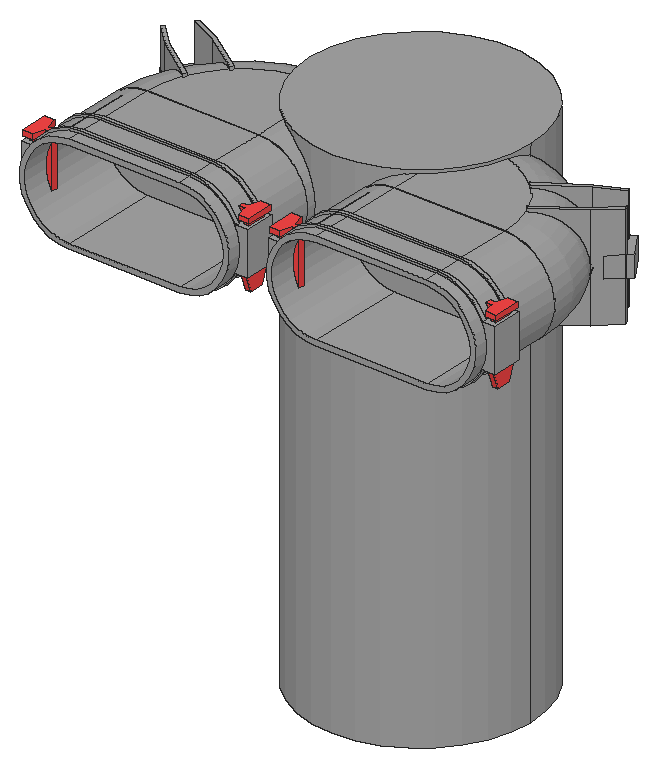
Revit family "CADS_AIRFLOWdev_AirflexPro_Oval_WallPlenum_Extract", category Duct Fittings, Revit 2015
Parameters (values of type "CADS_AIRFLOWdev_AirflexPro_Oval_WallPlenum_Extract")
  f3 [instance] = 0.0 L/s
  f2 [instance] = 0.0 L/s
  WorkingPressure = 3000.0 Pa
  WeeklyMaintenance = "N/A"
  WarrantyStartDate [instance] = "1900-12-31T23:59:160"
  WarrantyPeriod = "0"
  WarrantyIdentifier = "N/A"
  WarrantyGuarantorParts = "info@airflow.com"
  WarrantyGuarantorLabor = "info@airflow.com"
  WarrantyGuarantor = "Airflow Developments Ltd"
  WarrantyEndDate [instance] = "1900-12-31T23:59:160"
  WarrantyContent = "N/A"
  Uniclass2015 = "Pr_30_59_96_92:Ventilation ducts"
  TemperatureRange = "up to 40°C"
  TagNumber [instance] = "N/A"
  SustainabilityPerformance = "N/A"
  Status = "New"
  Size = "200 x 280 x 300"
  ShippingWeight = 0.78 kg
  Shape = "Other"
  ServiceLifeType = "EXPECTEDSERVICELIFE"
  ServiceLifeDuration = "10"
  SerialNumber [instance] = "N/A"
  SAPApproval = yes
  RunID = "0"
  ReplacementCost = "34.284"
  Reinforcement = "N/A"
  RedDotDesignAward = no
  QuarterlyMaintenance = "N/A"
  Quantity = 1
  ProductionYear = "2017"
  ProductLiterature = "https://www.airflow.com/pdf/Accessories.pdf#page=3"
  PointOfContact = "Airflow Developments Ltd"
  PassiveHouseApproval = no
  NominalWidth = 280 mm
  NominalLength = 200 mm
  NominalHeight = 300 mm
  NBSCode = "45-80-50/394 Ventilation ducts"
  MonthlyMaintenance = "N/A"
  ModelReference [instance] = "90000249"
  ModelLabel [instance] = "Oval 90° Ceiling/Wall Plenum (incl. 4 clips, 1 sealing cap)"
  Material = "Plastic"
  ManufacturerWebsite = "www.airflow.com"
  ManufacturerTelephone = "01494 525252"
  ManufacturerE-Mail = "info@airflow.com"
  ManufacturerAddress = "Aidelle House\nLancaster Road\nCressex Business Park\nHigh Wycombe\nBucks\nHP123QP"
  Manufacturer = "AirFlow Devopments Ltd"
  MaintenanceRequired8001to12000hrs = "N/A"
  MaintenanceRequired601to1000hrs = "N/A"
  MaintenanceRequired4001to8000hrs = "N/A"
  MaintenanceRequired301to600hrs = "N/A"
  MaintenanceRequired2001to4000hrs = "N/A"
  MaintenanceRequired1001to2000hrs = "N/A"
  MaintenanceRequired0to300hrs = "N/A"
  LongitudinalSeam = "None"
  IsExtendedWarranty = no
  InstallationDate [instance] = "1900-12-31T23:59:160"
  ISO90001 = yes
  ISO140001 = yes
  GrossWeight = 0.65 kg
  Grade = "Virgin"
  GlobalTradeItemNumber [instance] = "5019009312330"
  Flow [instance] = 0.0 L/s
  Fitting Type = "Ignore"
  FireControlPanelLinks = no
  Finish = "Lacquer"
  Features = "Oval 90° Ceiling/Wall Plenum (incl. 4 clips, 1 sealing cap)"
  ExpectedServiceLife = 10
  Exclusions = "N/A"
  DurationUnit = "Year"
  DailyMaintenance = "N/A"
  Constituents = "Oval 90° Ceiling/Wall Plenum (incl. 4 clips, 1 sealing cap)"
  Color = "Grey"
  CodePerformance = "N/A"
  CEApproval = yes
  CADS_Index = 0
  BespokeTimeFrameMaintenance = "N/A"
  AssetType = "FIXED"
  AssetIdentifier [instance] = "N/A"
  AssemblyPlace = "UNKNOWN"
  ArticleNumber [instance] = "N/A"
  AnnualMaintenance = "N/A"
  AirflowRateRange = 18.0 L/s
  AdjustableLengthCheck [instance] = if(AdjustableLength > 240 mm, 240 mm, AdjustableLength)  # 240 mm
  AdjustableLength [instance] = 240 mm
  AccessibilityPerformance = "N/A"
  AF_Body = AF_Grey
  6MonthlyMaintenance = "Visually inspect system, clean the fan and ducting if necessary"
Types (2, lengths in mm): name | RedDotDesignAward | PassiveHouseApproval | NominalWidth | NominalLength | NominalHeight | IsExtendedWarranty | FireControlPanelLinks
  (no name) | yes | yes | 0 | 0 | 0 | yes | yes
  CADS_AIRFLOWdev_AirflexPro_Oval_WallPlenum_Extract | no | no | 280 | 200 | 300 | no | no
Values of the unnamed type that differ from the named types
  WorkingPressure = 0.0 Pa
  WeeklyMaintenance = ""
  WarrantyStartDate = ""
  WarrantyPeriod = ""
  WarrantyIdentifier = ""
  WarrantyGuarantorParts = ""
  WarrantyGuarantorLabor = ""
  WarrantyGuarantor = ""
  WarrantyEndDate = ""
  WarrantyContent = ""
  Uniclass2015 = ""
  TemperatureRange = ""
  TagNumber = ""
  SustainabilityPerformance = ""
  Status = ""
  Size = ""
  ShippingWeight = 0.00 kg
  Shape = ""
  ServiceLifeType = ""
  ServiceLifeDuration = ""
  SerialNumber = ""
  ReplacementCost = ""
  Reinforcement = ""
  QuarterlyMaintenance = ""
  Quantity = 0
  ProductionYear = ""
  ProductLiterature = ""
  PointOfContact = ""
  NBSCode = ""
  MonthlyMaintenance = ""
  ModelReference = ""
  ModelLabel = ""
  Material = ""
  ManufacturerWebsite = ""
  ManufacturerTelephone = ""
  ManufacturerE-Mail = ""
  ManufacturerAddress = ""
  MaintenanceRequired8001to12000hrs = ""
  MaintenanceRequired601to1000hrs = ""
  MaintenanceRequired4001to8000hrs = ""
  MaintenanceRequired301to600hrs = ""
  MaintenanceRequired2001to4000hrs = ""
  MaintenanceRequired1001to2000hrs = ""
  MaintenanceRequired0to300hrs = ""
  LongitudinalSeam = ""
  InstallationDate = ""
  GrossWeight = 0.00 kg
  Grade = ""
  GlobalTradeItemNumber = ""
  Fitting Type = ""
  Finish = ""
  Features = ""
  ExpectedServiceLife = 0
  Exclusions = ""
  DurationUnit = ""
  DailyMaintenance = ""
  Constituents = ""
  Color = ""
  CodePerformance = ""
  BespokeTimeFrameMaintenance = ""
  AssetType = ""
  AssetIdentifier = ""
  AssemblyPlace = ""
  ArticleNumber = ""
  AnnualMaintenance = ""
  AirflowRateRange = 0.0 L/s
  AccessibilityPerformance = ""
  6MonthlyMaintenance = ""
Reference planes
  plane 1 "Center (Front/Back)": y = 0
  plane 2: z = 0
  plane 3 "Center (Left/Right)": x = 0
  plane 4 "CL Ports": z = 270
  plane 5: x = -71.5
  plane 6: x = 71.5
  plane 7: z = 240
  plane 8: y = -125
  plane 9: z = 300
  plane 10: z = 0
Forms (mm)
  Extrusion 1, solid, material "AF_Grey"
    sketch origin (0, 0, 270) x (-1, 0, 0) y (0, -1, 0)
      loop
        circle (0, 0) r 64
    from 30 to -270
  Sweep 2, solid, material "AF_Grey"
    path in 3D
      loop
        arc (132.015, -68, 270) -> (107.705, -9.31, 270) -> (49.015, 15, 270) r 83
        line (49.015, 15, 270) -> (-49.015, 15, 270)
        arc (-49.015, 15, 270) -> (-107.705, -9.31, 270) -> (-132.015, -68, 270) r 83
    profile origin (0, 15, 270) x (0, -1, 0) y (0, 0, 1)
      loop
        arc (28.5, 28.5) -> (0, 0) -> (28.5, -28.5) r 28.5
        line (28.5, -28.5) -> (59, -28.5) -> (59, 28.5) -> (28.5, 28.5)
  Extrusion 3, solid, material "AF_Grey"
    sketch origin (71.5, -68, 270) x (-1, 0, 0) y (0, 0, 1)
      loop
        arc (32.015, -28.5) -> (60.515, 0) -> (32.015, 28.5) r 28.5
        line (32.015, 28.5) -> (-1.515, 28.5) -> (-1.515, -28.5) -> (32.015, -28.5)
      loop
        arc (110.985, 28.5) -> (82.485, 0) -> (110.985, -28.5) r 28.5
        line (110.985, -28.5) -> (144.515, -28.5) -> (144.515, 28.5) -> (110.985, 28.5)
    from 24 to 0
  Extrusion 4, solid, not visible
    sketch origin (71.5, -68, 270) x (-1, 0, 0) y (0, 0, 1)
      loop
        circle (0, 0) r 15
      loop
        circle (143, 0) r 15
    from 0 to 10
  Extrusion 5, solid, material "AF_Grey"
    sketch origin (0, 0, 270) x (-1, 0, 0) y (0, -1, 0)
      loop
        line (-86.283, 28.743) -> (-98.827, 46.816) -> (-127.575, 26.7) -> (-137.64, 16.799) -> (-127.978, 2.879) -> (-114.469, 9.178) -> (-86.283, 28.743)
    from -6 to 6
  Extrusion 6, solid, material "AF_Grey"
    sketch origin (0, 0, 270) x (-1, 0, 0) y (0, -1, 0)
      loop
        line (-109.126, 11.67) -> (-85.713, 27.921) -> (-86.853, 29.564) -> (-110.126, 13.411) -> (-125.457, 6.262) -> (-124.299, 4.595) -> (-109.126, 11.67)
      loop
        line (-123.276, 30.928) -> (-134.746, 19.645) -> (-133.589, 17.978) -> (-121.993, 29.385) -> (-98.257, 45.994) -> (-99.398, 47.637) -> (-123.276, 30.928)
    from -30 to 30
  Extrusion 7, solid, material "AF_Grey"
    sketch origin (0, 0, 270) x (-1, 0, 0) y (0, -1, 0)
      loop
        line (109.126, 11.67) -> (124.299, 4.595) -> (125.457, 6.262) -> (110.126, 13.411) -> (86.853, 29.564) -> (85.713, 27.921) -> (109.126, 11.67)
      loop
        line (123.276, 30.928) -> (99.398, 47.637) -> (98.257, 45.994) -> (121.993, 29.385) -> (133.589, 17.978) -> (134.746, 19.645) -> (123.276, 30.928)
    from -30 to 30
  Extrusion 8, solid, material "AF_Grey"
    sketch origin (0, 0, 270) x (-1, 0, 0) y (0, -1, 0)
      loop
        line (86.283, 28.743) -> (114.469, 9.178) -> (127.978, 2.879) -> (137.64, 16.799) -> (127.575, 26.7) -> (98.827, 46.816) -> (86.283, 28.743)
    from -6 to 6
Cuts and joins
  joined: Sweep 2, Extrusion 3
Lines and regions (mm)
  model lines, style "InvisibleLines"
    curve 1: line (49.015, 15, 270) -> (-49.015, 15, 270)
    curve 2: arc (-132.015, -68, 270) -> (-107.705, -9.31, 270) -> (-49.015, 15, 270) r 83
    curve 3: arc (132.015, -68, 270) -> (107.705, -9.31, 270) -> (49.015, 15, 270) r 83
  sketch lines
    curve 4: line (49.015, 15, 270) -> (-49.015, 15, 270)
    curve 5: arc (-132.015, -68, 270) -> (-107.705, -9.31, 270) -> (-49.015, 15, 270) r 83
    curve 6: arc (132.015, -68, 270) -> (107.705, -9.31, 270) -> (49.015, 15, 270) r 83
Dimensions and locks
  plane 9 to plane 4 "CL Ports" to plane 7 = 30 mm locked, 30 mm locked
  "AdjustableLengthCheck": plane 7 to plane 2
  aligned and locked: level to plane 2
  aligned and locked: nested 1 to plane 8
  aligned and locked: nested 2 to plane 8
  aligned and locked: plane 9 to Extrusion 1
  aligned and locked: Extrusion 3 to Sweep 2
  aligned and locked: Extrusion 1 to plane 10
  aligned and locked: level to plane 10
Automatic sketch dimensions
  plane 1 "Center (Front/Back)" to Extrusion 1 sketch curve = 0 mm
  Extrusion 1 sketch curve to plane 3 "Center (Left/Right)" = 0 mm
  curve 3 to plane 6 = 22.485 mm
  plane 5 to curve 2 = 22.485 mm
  curve 1 to plane 1 "Center (Front/Back)" = 15 mm
  plane 8 to curve 3 = 57 mm
  plane 8 to curve 2 = 57 mm
  Sweep 2 sketch curve to profile plane = 0 mm
  Sweep 2 sketch curve to profile plane = 28.5 mm  (x2)
  Sweep 2 sketch curve to Sweep 2 sketch curve = 30.5 mm
  Extrusion 3 sketch curve to nested 2 = 0 mm  (x2)
  Extrusion 3 sketch curve to Extrusion 3 sketch curve = 33.531 mm  (x2)
  Extrusion 3 sketch curve to Extrusion 3 sketch curve = 78.969 mm
  nested 2 to Extrusion 4 sketch curve = 25.5 mm  (x2)
  Extrusion 4 sketch curve to Extrusion 4 sketch curve = 143 mm
  plane 1 "Center (Front/Back)" to Extrusion 5 sketch curve = 16.799 mm
  plane 6 to Extrusion 5 sketch curve = 66.14 mm
  plane 1 "Center (Front/Back)" to Extrusion 5 sketch curve = 2.879 mm
  Extrusion 5 sketch curve to Extrusion 5 sketch curve = 9.662 mm
  plane 1 "Center (Front/Back)" to Extrusion 5 sketch curve = 26.7 mm
  Extrusion 5 sketch curve to Extrusion 5 sketch curve = 10.065 mm
  plane 1 "Center (Front/Back)" to Extrusion 5 sketch curve = 9.178 mm
  Extrusion 5 sketch curve to Extrusion 5 sketch curve = 13.509 mm
  plane 6 to Extrusion 5 sketch curve = 27.327 mm
  plane 6 to Extrusion 5 sketch curve = 14.783 mm
  plane 1 "Center (Front/Back)" to Extrusion 5 sketch curve = 28.743 mm
  plane 1 "Center (Front/Back)" to Extrusion 6 sketch curve = 19.645 mm
  plane 6 to Extrusion 6 sketch curve = 63.246 mm
  plane 1 "Center (Front/Back)" to Extrusion 6 sketch curve = 17.978 mm
  Extrusion 6 sketch curve to Extrusion 6 sketch curve = 1.157 mm  (x2)
  plane 1 "Center (Front/Back)" to Extrusion 6 sketch curve = 6.262 mm
  Extrusion 6 sketch curve to Extrusion 6 sketch curve = 8.132 mm
  plane 1 "Center (Front/Back)" to Extrusion 6 sketch curve = 4.595 mm
  Extrusion 6 sketch curve to Extrusion 6 sketch curve = 11.47 mm
  Extrusion 6 sketch curve to Extrusion 6 sketch curve = 1.283 mm
  plane 1 "Center (Front/Back)" to Extrusion 6 sketch curve = 13.411 mm
  Extrusion 6 sketch curve to Extrusion 6 sketch curve = 14.174 mm
  plane 1 "Center (Front/Back)" to Extrusion 6 sketch curve = 11.67 mm
  Extrusion 6 sketch curve to Extrusion 6 sketch curve = 1 mm
  plane 6 to Extrusion 6 sketch curve = 27.898 mm
  Extrusion 6 sketch curve to Extrusion 6 sketch curve = 1.14 mm  (x2)
  plane 6 to Extrusion 6 sketch curve = 15.353 mm
  Extrusion 6 sketch curve to Extrusion 6 sketch curve = 9.74 mm
  Extrusion 6 sketch curve to Extrusion 6 sketch curve = 1.543 mm
  Extrusion 6 sketch curve to Extrusion 6 sketch curve = 16.43 mm
  Extrusion 6 sketch curve to Extrusion 6 sketch curve = 1.643 mm
  Extrusion 7 sketch curve to plane 5 = 14.213 mm
  Extrusion 7 sketch curve to Extrusion 7 sketch curve = 1.14 mm  (x2)
  Extrusion 7 sketch curve to Extrusion 7 sketch curve = 11.404 mm
  plane 1 "Center (Front/Back)" to Extrusion 7 sketch curve = 11.67 mm
  Extrusion 7 sketch curve to Extrusion 7 sketch curve = 23.413 mm
  plane 1 "Center (Front/Back)" to Extrusion 7 sketch curve = 13.411 mm
  Extrusion 7 sketch curve to Extrusion 7 sketch curve = 1 mm
  Extrusion 7 sketch curve to Extrusion 7 sketch curve = 11.867 mm
  Extrusion 7 sketch curve to Extrusion 7 sketch curve = 1.283 mm
  plane 1 "Center (Front/Back)" to Extrusion 7 sketch curve = 4.595 mm
  Extrusion 7 sketch curve to Extrusion 7 sketch curve = 14.174 mm
  plane 1 "Center (Front/Back)" to Extrusion 7 sketch curve = 6.262 mm
  Extrusion 7 sketch curve to Extrusion 7 sketch curve = 1.157 mm  (x2)
  plane 1 "Center (Front/Back)" to Extrusion 7 sketch curve = 17.978 mm
  Extrusion 7 sketch curve to Extrusion 7 sketch curve = 8.132 mm
  plane 1 "Center (Front/Back)" to Extrusion 7 sketch curve = 19.645 mm
  Extrusion 7 sketch curve to Extrusion 7 sketch curve = 9.74 mm
  Extrusion 7 sketch curve to Extrusion 7 sketch curve = 1.543 mm
  Extrusion 7 sketch curve to Extrusion 7 sketch curve = 16.43 mm
  Extrusion 7 sketch curve to Extrusion 7 sketch curve = 1.643 mm
  Extrusion 8 sketch curve to plane 5 = 14.783 mm
  Extrusion 8 sketch curve to Extrusion 8 sketch curve = 12.544 mm
  plane 1 "Center (Front/Back)" to Extrusion 8 sketch curve = 9.178 mm
  Extrusion 8 sketch curve to Extrusion 8 sketch curve = 28.187 mm
  plane 1 "Center (Front/Back)" to Extrusion 8 sketch curve = 26.7 mm
  Extrusion 8 sketch curve to Extrusion 8 sketch curve = 13.105 mm
  plane 1 "Center (Front/Back)" to Extrusion 8 sketch curve = 2.879 mm
  Extrusion 8 sketch curve to Extrusion 8 sketch curve = 13.509 mm
  plane 1 "Center (Front/Back)" to Extrusion 8 sketch curve = 16.799 mm
  Extrusion 8 sketch curve to Extrusion 8 sketch curve = 10.065 mm
  plane 1 "Center (Front/Back)" to Extrusion 8 sketch curve = 28.743 mm
  radius of Extrusion 1 sketch curve = 64 mm
  radius of Extrusion 3 sketch curve to nested 2 = 0 mm
  radius of Extrusion 4 sketch curve = 15 mm  (x2)
Nested families
  nested 1: "AF-Oval-Socket" at (-71.5, -68, 270) x (0, 1, 0) z (0, 0, 1), type "AF-Oval-Socket"
  nested 2: "AF-Oval-Socket" at (71.5, -68, 270) x (0, 1, 0) z (0, 0, 1), type "AF-Oval-Socket"
Connectors
  hvac at (-71.5, -68, 270), driven by "f2"
    settings: on Extrusion 4, index 1, duct flow 0.0 L/s, flow factor 0, pres drop 0.0 Pa, loss coef 0, conn angle 0.00°, conn width 115 mm, conn height 51 mm, conn diameter 609.6 mm, duct sys type 2, conn prof type 2, flow config 1, flow direction 2, loss method 0, conn ref index -1, conn util no, is conn primary no, conn desc ""
  hvac at (71.5, -68, 270), driven by "f3"
    settings: on Extrusion 4, index 2, duct flow 0.0 L/s, flow factor 0, pres drop 0.0 Pa, loss coef 0, conn angle 0.00°, conn width 115 mm, conn height 51 mm, conn diameter 609.6 mm, duct sys type 2, conn prof type 2, flow config 1, flow direction 2, loss method 0, conn ref index -1, conn util no, is conn primary no, conn desc ""
  hvac at (0, 0, 0), driven by "Flow"
    settings: on Extrusion 1, index 3, duct flow 0.0 L/s, flow factor 0, pres drop 0.0 Pa, loss coef 0, conn angle 0.00°, conn width 304.8 mm, conn height 304.8 mm, conn diameter 125 mm, duct sys type 2, conn prof type 0, flow config 0, flow direction 1, loss method 0, conn ref index -1, conn util no, is conn primary yes, conn desc ""
Definition of nested family "AF-Oval-Socket"
  Parameters (values of type "AF-Oval-Socket")
    Default Elevation = 1219.2 mm
  Reference planes
    plane 1 "Center (Front/Back)": y = 0
    plane 2: z = 0
    plane 3 "Center (Left/Right)": x = 0
    plane 4: x = -49.5
    plane 5: x = -47.5
    plane 6: x = -32
    plane 7: x = -34
    plane 8: y = 61.515
    plane 9: y = 60.515
    plane 10: y = 65.515
  Forms (mm)
    Sweep 1, solid
      path in 3D
        loop
          line (0, 0, 0) -> (-57, 0, 0)
      profile "AF-Oval Outer Profile : AF-Oval Outer Profile" origin (-28.5, 0, 0) x (0, -1, 0) y (0, 0, 1)
        loop
          arc (-32.015, 28.5) -> (-60.515, 0) -> (-32.015, -28.5) r 28.5
          line (-32.015, -28.5) -> (32.015, -28.5)
          arc (32.015, -28.5) -> (60.515, 0) -> (32.015, 28.5) r 28.5
          line (32.015, 28.5) -> (-32.015, 28.5)
    Sweep 2, void
      path in 3D
        loop
          line (0, 0, 0) -> (-57, 0, 0)
      profile "AF-Oval : AF-Oval" origin (-28.5, 0, 0) x (0, -1, 0) y (0, 0, 1)
        loop
          arc (-32, 25.5) -> (-57.5, 0) -> (-32, -25.5) r 25.5
          line (-32, -25.5) -> (32, -25.5)
          arc (32, -25.5) -> (57.5, 0) -> (32, 25.5) r 25.5
          line (32, 25.5) -> (-32, 25.5)
    Sweep 3, solid
      path in 3D
        loop
          line (-57, 32.015, 28.5) -> (-57, -32.015, 28.5)
          arc (-57, -32.015, 28.5) -> (-57, -60.515, 0) -> (-57, -32.015, -28.5) r 28.5
          line (-57, -32.015, -28.5) -> (-57, 32.015, -28.5)
          arc (-57, 32.015, -28.5) -> (-57, 60.515, 0) -> (-57, 32.015, 28.5) r 28.5
      profile origin (-57, 60.515, 0) x (0, 1, 0) y (-1, 0, 0)
        loop
          line (1, -7.5) -> (0, -7.5) -> (0, -9.5) -> (1, -9.5) -> (1, -7.5)
        loop
          line (1, -25) -> (1, -23) -> (0, -23) -> (0, -25) -> (1, -25)
    Extrusion 4, solid
      sketch origin (0, 0, 0) x (1, 0, 0) y (0, 1, 0)
        loop
          line (-49.5, 65.515) -> (-49.5, 57.825) -> (-32, 57.825) -> (-32, 65.515) -> (-49.5, 65.515)
        loop
          line (-49.5, -65.515) -> (-32, -65.515) -> (-32, -57.844) -> (-49.5, -57.844) -> (-49.5, -65.515)
      from -12.5 to 12.5
  Cuts and joins
    Sweep 2 cuts Sweep 1
    joined: Sweep 1, Sweep 3, Extrusion 4
  Lines and regions (mm)
    model lines
      curve 1: line (0, 0, 0) -> (-57, 0, 0)
    sketch lines
      curve 2: line (0, 0, 0) -> (-57, 0, 0)
      curve 3: line (0, 0, 0) -> (-57, 0, 0)
      curve 4: arc (-57, 32.015, -28.5) -> (-57, 60.515, 0) -> (-57, 32.015, 28.5) r 28.5
      curve 5: line (-57, 32.015, -28.5) -> (-57, -32.015, -28.5)
      curve 6: arc (-57, -32.015, 28.5) -> (-57, -60.515, 0) -> (-57, -32.015, -28.5) r 28.5
      curve 7: line (-57, -32.015, 28.5) -> (-57, 32.015, 28.5)
  Dimensions and locks
    aligned and locked: level to plane 2
  Nested families
    nested 1: "AF-Clip" at (-40.75, -65.515, 0), type "AF-Clip"
    nested 2: "AF-Clip" at (-40.75, 65.515, 0) x (-1, 0, 0) z (0, 0, 1), type "AF-Clip"
  Definition of nested family "AF-Clip"
    Reference planes
      plane 1 "Center (Front/Back)": y = 0
      plane 2: z = 0
      plane 3 "Center (Left/Right)": x = 0
      plane 4 "clip": y = 2.249
    Forms (mm)
      Extrusion 1, solid
        sketch origin (0, 0, 0) x (1, 0, 0) y (0, 1, 0)
          loop
            line (-8, 0) -> (8, 0) -> (8, 6) -> (1.5, 7.742) -> (1.5, 12.043) -> (-1.5, 12.043) -> (-1.5, 7.742) -> (-8, 6) -> (-8, 0)
        from 15 to 18
      Extrusion 2, solid
        sketch origin (0, 2.249, 0) x (-1, 0, 0) y (0, 0, 1)
          loop
            line (5.365, 15) -> (-5.365, 15) -> (-5.365, -12.5) -> (-7.581, -12.5) -> (-3.941, -22.5) -> (3.941, -22.5) -> (7.581, -12.5) -> (5.365, -12.5) -> (5.365, 15)
        from 0 to 3
      Extrusion 3, solid
        sketch origin (0, 0, 0) x (1, 0, 0) y (0, 1, 0)
          loop
            line (-1.5, 12.043) -> (-1.5, 5.249) -> (1.5, 5.249) -> (1.5, 12.043) -> (-1.5, 12.043)
        from -12.5 to 15
    Cuts and joins
      joined: Extrusion 1, Extrusion 2, Extrusion 3
    Dimensions and locks
      aligned and locked: level to plane 2
      aligned and locked: Extrusion 3 sketch curve to cut or joined group of Extrusion 1, Extrusion 2, Extrusion 3  (x3)
      aligned and locked: Extrusion 3 to cut or joined group of Extrusion 1, Extrusion 2, Extrusion 3
